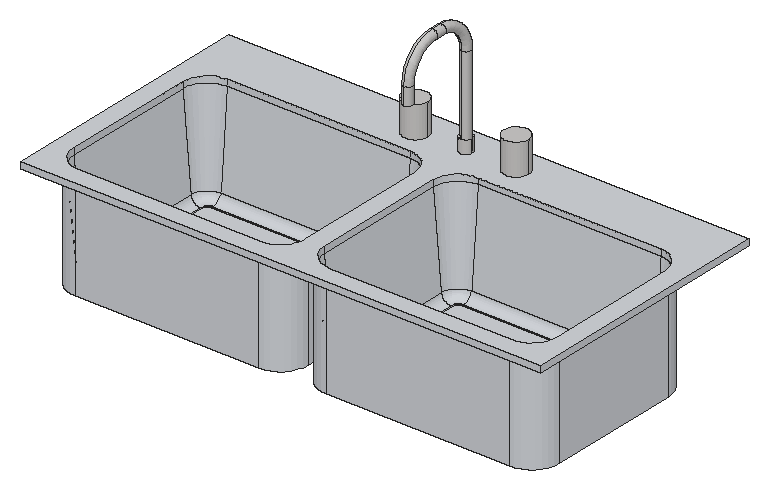
Revit family "Kitchen_Sink", category Plumbing Fixtures, Revit 2021
Family settings
  Round Connector Dimension = Use Diameter
  Part Type = Undefined
  Work Plane-Based = No
  Always vertical = Yes
  Cut with Voids When Loaded = No
  Shared = No
  Room Calculation Point = No
Parameters (values of type "42" x 21"")
  Default Elevation = 0' - 0"
  Counter Height = 3' - 0"
  Depth = 1' - 9"
  Width = 3' - 6"
Reference planes (in)
  plane 1 "Center F/B": y = -1.40766
  plane 2: z = 0
  plane 3 "Center L/R": x = 0.61769
  plane 4: y = 10.59234
  plane 5: y = -10.40766
  plane 6: x = -20.38231
  plane 7: x = 21.61769
  plane 8 "Top Of Counter": z = 36
  plane 9: z = 36.5
  plane 10: z = 27.5
  plane 11: y = 6.09234
  plane 12: x = -18.88231
  plane 13: y = -8.90766
  plane 14: x = 20.11769
  plane 15: x = -3.38231
  plane 16: x = 4.61769
  plane 17: y = 8.34234
  plane 18: y = 8.34234
  plane 19: y = 8.34234
  plane 20: z = 46.375
  plane 21: y = 2.46734
  plane 22: z = 39
  plane 23: z = 37.5
  plane 24: x = -0.13231
  plane 25: x = 1.36769
  plane 26: x = -9.13231
  plane 27: x = 10.36769
Forms (in)
  Extrusion 1, solid
    sketch origin (0, 0, 0) x (1, 0, 0) y (0, 1, 0)
      loop
        line (-20.38231, 10.59234) -> (-20.38231, -10.40766) -> (21.61769, -10.40766) -> (21.61769, 10.59234) -> (-20.38231, 10.59234)
      loop
        arc (-16.88231, 6.09234) -> (-18.29653, 5.50655) -> (-18.88231, 4.09234) r 2
        line (-18.88231, 4.09234) -> (-18.88231, -6.90766)
        arc (-18.88231, -6.90766) -> (-18.29653, -8.32187) -> (-16.88231, -8.90766) r 2
        line (-16.88231, -8.90766) -> (-2.13231, -8.90766)
        arc (-2.13231, -8.90766) -> (-0.7181, -8.32187) -> (-0.13231, -6.90766) r 2
        line (-0.13231, -6.90766) -> (-0.13231, 4.09234)
        arc (-0.13231, 4.09234) -> (-0.7181, 5.50655) -> (-2.13231, 6.09234) r 2
        line (-2.13231, 6.09234) -> (-16.88231, 6.09234)
      loop
        arc (18.11769, -8.90766) -> (19.5319, -8.32187) -> (20.11769, -6.90766) r 2
        line (20.11769, -6.90766) -> (20.11769, 4.09234)
        arc (20.11769, 4.09234) -> (19.5319, 5.50655) -> (18.11769, 6.09234) r 2
        line (18.11769, 6.09234) -> (3.36769, 6.09234)
        arc (3.36769, 6.09234) -> (1.95347, 5.50655) -> (1.36769, 4.09234) r 2
        line (1.36769, 4.09234) -> (1.36769, -6.90766)
        arc (1.36769, -6.90766) -> (1.95347, -8.32187) -> (3.36769, -8.90766) r 2
        line (3.36769, -8.90766) -> (18.11769, -8.90766)
    from 36 to 36.5
  Sweep 2, solid
    path origin (0, 0, 0) x (1, 0, 0) y (0, 1, 0)
      loop
        arc (-16.88231, 6.09234) -> (-18.29653, 5.50655) -> (-18.88231, 4.09234) r 2
        line (-18.88231, 4.09234) -> (-18.88231, -6.90766)
        arc (-18.88231, -6.90766) -> (-18.29653, -8.32187) -> (-16.88231, -8.90766) r 2
        line (-16.88231, -8.90766) -> (-2.13231, -8.90766)
        arc (-2.13231, -8.90766) -> (-0.7181, -8.32187) -> (-0.13231, -6.90766) r 2
        line (-0.13231, -6.90766) -> (-0.13231, 4.09234)
        arc (-0.13231, 4.09234) -> (-0.7181, 5.50655) -> (-2.13231, 6.09234) r 2
        line (-2.13231, 6.09234) -> (-16.88231, 6.09234)
    profile origin (-9.50731, 0, 0) x (0, 1, 0) y (0, 0, 1)
      loop
        line (6.09234, 36) -> (5.44139, 28.55963)
        arc (5.44139, 28.55963) -> (5.20094, 28.07204) -> (4.69424, 27.875) r 0.75
        line (4.69424, 27.875) -> (4.59234, 27.875) -> (4.59234, 27.5) -> (6.34234, 27.5) -> (6.34234, 36) -> (6.09234, 36)
  Extrusion 3, solid
    sketch origin (0, 0, 0) x (1, 0, 0) y (0, 1, 0)
      loop
        arc (-16.88231, 4.59234) -> (-17.23587, 4.44589) -> (-17.38231, 4.09234) r 0.5
        line (-17.38231, 4.09234) -> (-17.38231, -6.90766)
        arc (-17.38231, -6.90766) -> (-17.23587, -7.26121) -> (-16.88231, -7.40766) r 0.5
        line (-16.88231, -7.40766) -> (-2.13231, -7.40766)
        arc (-2.13231, -7.40766) -> (-1.77876, -7.26121) -> (-1.63231, -6.90766) r 0.5
        line (-1.63231, -6.90766) -> (-1.63231, 4.09234)
        arc (-1.63231, 4.09234) -> (-1.77876, 4.44589) -> (-2.13231, 4.59234) r 0.5
        line (-2.13231, 4.59234) -> (-16.88231, 4.59234)
      loop
        circle (-9.13231, -1.40766) r 1
    from 27.5 to 27.875
  Extrusion 4, solid
    sketch origin (0, 0, 0) x (1, 0, 0) y (0, 1, 0)
      loop
        circle (-3.38231, 8.22113) r 1
      loop
        circle (4.61769, 8.42572) r 1
    from 36.5 to 39
  Sweep 5, solid
    path origin (0.61769, 0, 0) x (0, 1, 0) y (0, 0, 1)
      loop
        line (8.34234, 36.5) -> (8.34234, 43.875)
        arc (8.34234, 43.875) -> (7.61011, 45.64277) -> (5.84234, 46.375) r 2.5
        line (5.84234, 46.375) -> (4.96734, 46.375)
        arc (4.96734, 46.375) -> (3.19957, 45.64277) -> (2.46734, 43.875) r 2.5
        line (2.46734, 43.875) -> (2.46734, 42.5)
    profile origin (0.61769, 0, 40.1875) x (0, -1, 0) y (1, 0, 0)
      loop
        circle (-8.34234, 0) r 0.375
  Extrusion 6, solid
    sketch origin (0, 0, 0) x (1, 0, 0) y (0, 1, 0)
      loop
        circle (0.61769, 8.34234) r 0.5
    from 36.5 to 37.5
  Sweep 7, solid
    path origin (1.23537, 0, 0) x (-1, 0, 0) y (0, -1, 0)
      loop
        line (-16.88231, -6.09234) -> (-2.13231, -6.09234)
        arc (-2.13231, -6.09234) -> (-0.7181, -5.50655) -> (-0.13231, -4.09234) r 2
        line (-0.13231, -4.09234) -> (-0.13231, 6.90766)
        arc (-0.13231, 6.90766) -> (-0.7181, 8.32187) -> (-2.13231, 8.90766) r 2
        line (-2.13231, 8.90766) -> (-16.88231, 8.90766)
        arc (-16.88231, 8.90766) -> (-18.29653, 8.32187) -> (-18.88231, 6.90766) r 2
        line (-18.88231, 6.90766) -> (-18.88231, -4.09234)
        arc (-18.88231, -4.09234) -> (-18.29653, -5.50655) -> (-16.88231, -6.09234) r 2
    profile origin (10.74269, 0, 0) x (0, -1, 0) y (0, 0, 1)
      loop
        line (-6.09234, 36) -> (-6.34234, 36) -> (-6.34234, 27.5) -> (-4.59234, 27.5) -> (-4.59234, 27.875) -> (-4.69424, 27.875)
        arc (-4.69424, 27.875) -> (-5.20094, 28.07204) -> (-5.44139, 28.55963) r 0.75
        line (-5.44139, 28.55963) -> (-6.09234, 36)
  Extrusion 8, solid
    sketch origin (0, 0, 0) x (1, 0, 0) y (0, 1, 0)
      loop
        arc (3.36769, 4.69424) -> (3.01413, 4.5478) -> (2.86769, 4.19424) r 0.5
        line (2.86769, 4.19424) -> (2.86769, -6.90766)
        arc (2.86769, -6.90766) -> (3.01413, -7.26121) -> (3.36769, -7.40766) r 0.5
        line (3.36769, -7.40766) -> (18.11769, -7.40766)
        arc (18.11769, -7.40766) -> (18.47124, -7.26121) -> (18.61769, -6.90766) r 0.5
        line (18.61769, -6.90766) -> (18.61769, 4.19424)
        arc (18.61769, 4.19424) -> (18.47124, 4.5478) -> (18.11769, 4.69424) r 0.5
        line (18.11769, 4.69424) -> (3.36769, 4.69424)
      loop
        circle (10.36769, -1.40766) r 1
    from 27.5 to 27.875
Lines and regions (in)
  symbolic lines
    curve 1: line (21.61769, 10.59234, 0) -> (-20.38231, 10.59234, 0)
    curve 2: line (21.61769, -10.40766, 0) -> (21.61769, 10.59234, 0)
    curve 3: line (-20.38231, -10.40766, 0) -> (21.61769, -10.40766, 0)
    curve 4: line (-20.38231, 10.59234, 0) -> (-20.38231, -10.40766, 0)
    curve 5: line (-18.88231, 4.09234, 0) -> (-18.88231, -6.90766, 0)
    curve 6: line (-16.88231, -8.90766, 0) -> (-2.13231, -8.90766, 0)
    curve 7: line (20.11769, -6.90766, 0) -> (20.11769, 4.09234, 0)
    curve 8: line (18.11769, 6.09234, 0) -> (3.36769, 6.09234, 0)
    curve 9: arc (20.11769, 4.09234, 0) -> (19.5319, 5.50655, 0) -> (18.11769, 6.09234, 0) r 2
    curve 10: arc (18.11769, -8.90766, 0) -> (19.5319, -8.32187, 0) -> (20.11769, -6.90766, 0) r 2
    curve 11: arc (-18.88231, -6.90766, 0) -> (-18.29653, -8.32187, 0) -> (-16.88231, -8.90766, 0) r 2
    curve 12: arc (-16.88231, 6.09234, 0) -> (-18.29653, 5.50655, 0) -> (-18.88231, 4.09234, 0) r 2
    curve 13: arc (-2.38231, 8.22113, 0) -> (-3.38231, 9.22113, 0) -> (-4.38231, 8.22113, 0) r 1
    curve 14: arc (5.61769, 8.42572, 0) -> (4.61769, 9.42572, 0) -> (3.61769, 8.42572, 0) r 1
    curve 15: arc (-4.38231, 8.22113, 0) -> (-3.38231, 7.22113, 0) -> (-2.38231, 8.22113, 0) r 1
    curve 16: arc (3.61769, 8.42572, 0) -> (4.61769, 7.42572, 0) -> (5.61769, 8.42572, 0) r 1
    curve 17: arc (1.11769, 8.34234, 0) -> (0.61769, 8.84234, 0) -> (0.11769, 8.34234, 0) r 0.5
    curve 18: line (0.11769, 8.34234, 0) -> (0.11769, 0.59234, 0)
    curve 19: line (1.11769, 8.34234, 0) -> (1.11769, 0.59234, 0)
    curve 20: arc (1.11769, 0.59234, 0) -> (0.61769, 0.09234, 0) -> (0.11769, 0.59234, 0) r 0.5
    curve 21: line (-0.13231, 4.09234, 0) -> (-0.13231, -6.90766, 0)
    curve 22: line (1.36769, 4.09234, 0) -> (1.36769, -6.90766, 0)
    curve 23: line (3.36769, -8.90766, 0) -> (18.11769, -8.90766, 0)
    curve 24: line (-2.13231, 6.09234, 0) -> (-16.88231, 6.09234, 0)
    curve 25: arc (3.36769, 6.09234, 0) -> (1.95347, 5.50655, 0) -> (1.36769, 4.09234, 0) r 2
    curve 26: arc (1.36769, -6.90766, 0) -> (1.95347, -8.32187, 0) -> (3.36769, -8.90766, 0) r 2
    curve 27: arc (-0.13231, -6.90766, 0) -> (-0.7181, -8.32187, 0) -> (-2.13231, -8.90766, 0) r 2
    curve 28: arc (-0.13231, 4.09234, 0) -> (-0.7181, 5.50655, 0) -> (-2.13231, 6.09234, 0) r 2
    curve 29: arc (-10.13231, -1.40766, 0) -> (-9.13231, -0.40766, 0) -> (-8.13231, -1.40766, 0) r 1
    curve 30: arc (-8.13231, -1.40766, 0) -> (-9.13231, -2.40766, 0) -> (-10.13231, -1.40766, 0) r 1
    curve 31: arc (9.36769, -1.40766, 0) -> (10.36769, -0.40766, 0) -> (11.36769, -1.40766, 0) r 1
    curve 32: arc (11.36769, -1.40766, 0) -> (10.36769, -2.40766, 0) -> (9.36769, -1.40766, 0) r 1
Dimensions and locks (in)
  equal spacing: plane 6, plane 3 "Center L/R", plane 7
  "Width": plane 6 to plane 7
  "Depth": plane 5 to plane 4
  "Counter Height": plane 8 "Top Of Counter" to plane 2
  locked: plane 9 to plane 8 "Top Of Counter" at 0.5
  locked: plane 8 "Top Of Counter" to plane 10 at 8.5
  locked: plane 6 to plane 12 at 1.5
  locked: plane 14 to plane 7 at 1.5
  locked: plane 11 to plane 4 at 4.5
  locked: plane 5 to plane 13 at 1.5
  equal spacing: plane 11, plane 17, plane 4
  equal spacing: plane 11, plane 18, plane 4
  equal spacing: plane 4, plane 19, plane 11
  locked: plane 19 to plane 21 at 5.875
  locked: plane 20 to plane 9 at 9.875
  locked: plane 22 to plane 9 at 2.5
  locked: plane 23 to plane 9 at 1
  plane 24 to plane 3 "Center L/R" to plane 25 = 0' - 0 3/4" locked, 0' - 0 3/4" locked
  equal spacing: plane 12, plane 26, plane 3 "Center L/R"
  equal spacing: plane 3 "Center L/R", plane 27, plane 14
  equal spacing: plane 13, plane 1 "Center F/B", plane 11
  aligned and locked: Extrusion 1 sketch curve to plane 5
  aligned and locked: plane 7 to Extrusion 1 sketch curve
  aligned and locked: plane 4 to Extrusion 1 sketch curve
  aligned and locked: Extrusion 1 sketch curve to plane 6
  aligned and locked: plane 8 "Top Of Counter" to Extrusion 1
  aligned and locked: Extrusion 1 to plane 9
  aligned and locked: plane 11 to Extrusion 1 sketch curve
  aligned and locked: plane 14 to Extrusion 1 sketch curve
  aligned and locked: Extrusion 1 sketch curve to plane 12
  aligned and locked: Extrusion 1 sketch curve to plane 13
  aligned and locked: plane 11 to Sweep 2 sketch curve
  aligned and locked: Sweep 2 sketch curve to plane 12
  aligned and locked: Sweep 2 sketch curve to plane 13
  aligned and locked: Sweep 2 to Extrusion 3 sketch curve  (x4)
  aligned and locked: Sweep 2 to Extrusion 3
  aligned and locked: plane 10 to Extrusion 3
  aligned and locked: Sweep 2 sketch curve to plane 10
  aligned and locked: plane 8 "Top Of Counter" to Sweep 2 sketch curve
  aligned and locked: Extrusion 4 to Extrusion 1
  aligned and locked: Extrusion 6 to Extrusion 1
  aligned and locked: Sweep 5 sketch curve to plane 19
  aligned and locked: plane 20 to Sweep 5 sketch curve
  aligned and locked: plane 21 to Sweep 5 sketch curve
  aligned and locked: Extrusion 4 to plane 22
  aligned and locked: Extrusion 6 to plane 23
  aligned and locked: Sweep 2 sketch curve to Extrusion 1
  aligned and locked: Sweep 7 sketch curve to plane 14
  aligned and locked: Sweep 7 sketch curve to Extrusion 1
  aligned and locked: Sweep 7 sketch curve to plane 11
  aligned and locked: plane 13 to Sweep 7 sketch curve
  aligned and locked: Extrusion 8 to Sweep 2
  aligned and locked: plane 10 to Extrusion 8
  aligned and locked: curve 29 to Extrusion 3
  aligned and locked: curve 31 to Extrusion 8
  aligned and locked: Extrusion 8 sketch curve to Sweep 7
  aligned and locked: Sweep 7 sketch curve to plane 8 "Top Of Counter"
  aligned and locked: plane 10 to Sweep 7 sketch curve
Automatic sketch dimensions
  Sweep 2 sketch curve to profile plane = 0' - 0"
  profile plane to Sweep 2 sketch curve = 0' - 0.65095"
  Sweep 2 sketch curve to Sweep 2 sketch curve = 0' - 0.74715"
  Sweep 2 sketch curve to Sweep 2 sketch curve = 0' - 0.10191"
  Sweep 2 sketch curve to profile plane = 0' - 0 1/4"
  Sweep 2 sketch curve to Sweep 2 sketch curve = 0' - 0 3/8"
  Sweep 2 sketch curve to Sweep 2 sketch curve = 0' - 0.68463"
  Extrusion 4 sketch curve to plane 15 = 0' - 0"
  Extrusion 4 sketch curve to plane 16 = 0' - 0"
  plane 17 to Extrusion 4 sketch curve = 0' - 0.12121"
  plane 15 to Extrusion 4 sketch curve = 0' - 1"
  Extrusion 4 sketch curve to plane 17 = 0' - 0.08338"
  plane 16 to Extrusion 4 sketch curve = 0' - 1"
  Sweep 5 sketch curve to plane 3 "Center L/R" = 0' - 0"
  Sweep 5 sketch curve to profile plane = 0' - 0"
  profile plane to Sweep 5 sketch curve = 0' - 0 3/8"
  Extrusion 6 sketch curve to plane 18 = 0' - 0"
  Extrusion 6 sketch curve to plane 3 "Center L/R" = 0' - 0"
  Extrusion 6 sketch curve to plane 3 "Center L/R" = 0' - 0 1/2"
  Sweep 5 sketch curve to plane 9 = 0' - 0"
  Sweep 5 sketch curve to Sweep 5 sketch curve = 0' - 2 1/2"
  plane 11 to Sweep 5 sketch curve = 0' - 0 1/4"
  Sweep 5 sketch curve to Sweep 5 sketch curve = 0' - 1 3/8"
  Extrusion 1 sketch curve to plane 13 = 0' - 0"
  Extrusion 1 sketch curve to plane 24 = 0' - 0"
  Extrusion 1 sketch curve to plane 25 = 0' - 0"
  Extrusion 1 sketch curve to plane 11 = 0' - 0"
  Extrusion 1 sketch curve to plane 12 = 0' - 2"  (x2)
  Extrusion 1 sketch curve to plane 3 "Center L/R" = 0' - 2 3/4"  (x2)
  plane 3 "Center L/R" to Extrusion 1 sketch curve = 0' - 2 3/4"  (x2)
  plane 14 to Extrusion 1 sketch curve = 0' - 2"
  Extrusion 1 sketch curve to Extrusion 1 sketch curve = 0' - 2"
  Sweep 2 sketch curve to plane 12 = 0' - 2"  (x2)
  Sweep 2 sketch curve to plane 3 "Center L/R" = 0' - 2 3/4"  (x2)
  plane 14 to Sweep 7 sketch curve = 0' - 2"  (x2)
  Sweep 7 sketch curve to Sweep 7 sketch curve = 0' - 2"
  plane 3 "Center L/R" to Sweep 7 sketch curve = 0' - 2 3/4"
  Extrusion 3 sketch curve to plane 1 "Center F/B" = 0' - 0"
  Extrusion 3 sketch curve to plane 26 = 0' - 0"
  Extrusion 3 sketch curve to Extrusion 3 sketch curve = 0' - 0 1/2"  (x4)
  plane 26 to Extrusion 3 sketch curve = 0' - 1"
  curve 1 to plane 4 = 0' - 0"
  curve 1 to plane 6 = 0' - 0"
  curve 5 to plane 12 = 0' - 0"
  curve 24 to plane 11 = 0' - 0"
  curve 6 to plane 13 = 0' - 0"
  curve 17 to plane 3 "Center L/R" = 0' - 0"
  curve 23 to plane 13 = 0' - 0"
  curve 25 to plane 11 = 0' - 0"
  curve 9 to plane 14 = 0' - 0"
  curve 3 to plane 5 = 0' - 0"
  curve 3 to plane 7 = 0' - 0"
  curve 24 to plane 12 = 0' - 2"
  curve 6 to plane 12 = 0' - 2"
  curve 13 to plane 26 = 0' - 4 3/4"
  curve 13 to curve 13 = 0' - 1"
  curve 6 to plane 3 "Center L/R" = 0' - 2 3/4"
  plane 11 to curve 28 = 0' - 2"
  curve 28 to plane 3 "Center L/R" = 0' - 2 3/4"
  curve 20 to curve 20 = 0' - 0 1/2"
  plane 3 "Center L/R" to curve 26 = 0' - 0 3/4"
  plane 3 "Center L/R" to curve 23 = 0' - 2 3/4"
  plane 3 "Center L/R" to curve 25 = 0' - 2 3/4"
  curve 8 to curve 16 = 0' - 0 1/4"
  curve 16 to curve 16 = 0' - 1"
  curve 9 to curve 9 = 0' - 2"
  plane 14 to curve 23 = 0' - 2"
  curve 20 to plane 1 "Center F/B" = 0' - 2"
  curve 28 to curve 13 = 0' - 2.12879"
  plane 4 to curve 18 = 0' - 2 1/4"
  plane 4 to curve 14 = 0' - 2.16662"
  Extrusion 8 sketch curve to plane 1 "Center F/B" = 0' - 0"
  Extrusion 8 sketch curve to plane 27 = 0' - 0"
  plane 27 to Extrusion 8 sketch curve = 0' - 1"
  plane 3 "Center L/R" to Extrusion 8 sketch curve = 0' - 2 3/4"  (x2)
  Extrusion 8 sketch curve to Extrusion 8 sketch curve = 0' - 0 1/2"  (x2)
  plane 11 to Extrusion 8 sketch curve = 0' - 1.89809"
  Extrusion 8 sketch curve to plane 13 = 0' - 2"
  plane 7 to Extrusion 8 sketch curve = 0' - 3 1/2"
  Sweep 7 sketch curve to profile plane = 0' - 0"
  profile plane to Sweep 7 sketch curve = 0' - 0 1/4"
  Sweep 7 sketch curve to profile plane = 0' - 0.65095"
  Sweep 7 sketch curve to Sweep 7 sketch curve = 0' - 0.74715"
  Sweep 7 sketch curve to Sweep 7 sketch curve = 0' - 0.10191"
  Sweep 7 sketch curve to Sweep 7 sketch curve = 0' - 0.06537"
  Sweep 7 sketch curve to Sweep 7 sketch curve = 0' - 1.05963"
